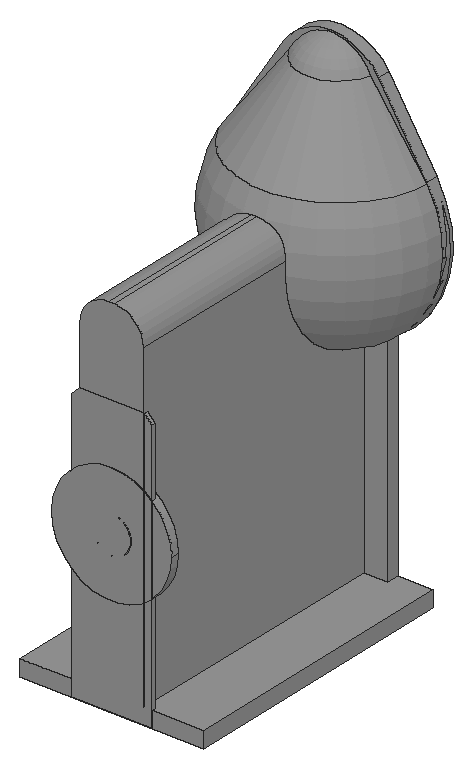
Revit family "Toilet-Willoughby-ETF-1490-FM-10-FA-TS-HC", category Plumbing Fixtures, Revit 2015
Parameters (values of type "Standard")
  Waste DIA = 2 3/8"
  Waste Connection = yes
  W-RAD [instance] = Waste DIA / 2  # 0' - 1 3/16"
  Vent Connection = no
  URL = "https://www.willoughby-ind.com/wp-content/uploads/2018/01/ETF-1490-FM-FA.pdf"
  Type Comments = ""
  Revision = "A"
  Model = "ETF-1490-FM-FA-10-TS-HC"
  Manufacturer = "Willoughby Industries"
  HW Connection = no
  Flush inlet DIA = 1 1/2"
  Fixture Body = Stainless Steel AISI 304-Willoughby
  F-RAD [instance] = Flush inlet DIA / 2  # 0' - 0 3/4"
  Description = "Floor Outlet, Floor Mounted Toilet, Front Access, With 10\" Rough In, Top Spud, Handicap Seat Height"
  Default Elevation = 0' - 0"
  Contact Number = "(800) 428-4065"
  CW Connection = yes
Reference planes (in)
  plane 1 "Base": y = -16.25
  plane 2: z = 0
  plane 3 "Center": x = 18.31072
  plane 4 "Waste height": y = -4.75
  plane 5: y = -1.25
  plane 6: z = -6.75
  plane 7: y = -2.125
  plane 8: y = -14.0625
  plane 9: y = 0.5
  plane 10: x = 16.56072
  plane 11: x = 20.06072
  plane 12: x = 11.56072
  plane 13: x = 25.06072
  plane 14: z = 23
  plane 15: z = 30.75
  plane 16: x = 15.81072
  plane 17: x = 20.81072
  plane 18: x = 16.31072
  plane 19: x = 20.31072
  plane 20: z = 10
  plane 21: x = 12.56072
  plane 22: x = 24.06072
  plane 23: z = 2.75
Forms (in)
  Extrusion 1, solid, material "Stainless Steel AISI 304-Willoughby" <- "Fixture Body"
    sketch origin (16.08109, 7.47968, -2.20225) x (-1, 0, 0) y (0, 0, -1)
      loop
        line (1.29775, -16.80087) -> (1.29775, -3.20225) -> (-5.72963, -3.20225) -> (-5.72963, -16.81676)
        arc (-5.72963, -16.81676) -> (-8.98136, -21.11843) -> (-8.21015, -26.45542) r 7
        line (-8.21015, -26.45542) -> (-5.16818, -31.31054)
        arc (-5.16818, -31.31054) -> (-2.20225, -32.95225) -> (0.76368, -31.31054) r 3.5
        line (0.76368, -31.31054) -> (3.80565, -26.45542)
        arc (3.80565, -26.45542) -> (4.5729, -21.10311) -> (1.29775, -16.80087) r 7
      loop
        arc (2.03989, -24.70557) -> (-2.20225, -18.23804) -> (-6.44438, -24.70557) r 4.625
        line (-6.44438, -24.70557) -> (-4.04125, -30.23842)
        arc (-4.04125, -30.23842) -> (-2.20225, -31.45225) -> (-0.36324, -30.23842) r 2
        line (-0.36324, -30.23842) -> (2.03989, -24.70557)
    from 8.72968 to 9.5
  Revolve 2, solid, material "Stainless Steel AISI 304-Willoughby" <- "Fixture Body"
    sketch origin (19.37246, -1.52032, 1.00169) x (-1, 0, 0) y (0, 0, -1)
      loop
        line (1.06174, -12.59906) -> (1.06174, -12.84906)
        arc (1.06174, -12.84906) -> (7.03046, -17.88333) -> (5.08904, -25.44643) r 7.34171
        line (5.08904, -25.44643) -> (3.31535, -27.91457)
        arc (3.31535, -27.91457) -> (2.42192, -29.02159) -> (1.06174, -29.43826) r 2.42844
        line (1.06174, -29.43826) -> (1.06174, -29.68826)
        arc (1.06174, -29.68826) -> (2.54295, -29.2403) -> (3.52767, -28.04656) r 2.67283
        line (3.52767, -28.04656) -> (7.06964, -23.19143)
        arc (7.06964, -23.19143) -> (7.15052, -16.14555) -> (1.06174, -12.59906) r 7
      axis (1.06174, -12.59906) -> (1.06174, -29.68826)
    angle from 0 to -180
  Extrusion 3, solid, material "Stainless Steel AISI 304-Willoughby" <- "Fixture Body"
    sketch origin (19.53334, -3.02032, -4.9508) x (0, 1, 0) y (0, 0, 1)
      loop
        line (-4.42257, 4.9508) -> (1.02643, 4.9508) -> (1.02643, 18.97156)
        arc (1.02643, 18.97156) -> (-2.31062, 20.32275) -> (-4.42257, 23.23845) r 6.52287
        line (-4.42257, 23.23845) -> (-4.42257, 4.9508)
    from 0.77738 to -3.22262
  Extrusion 4, solid, material "Stainless Steel AISI 304-Willoughby" <- "Fixture Body"
    sketch origin (0, -16.25, 0) x (1, 0, 0) y (0, 0, 1)
      loop
        line (24.06072, 0) -> (24.06072, 1) -> (12.56072, 1) -> (12.56072, 0) -> (24.06072, 0)
    from -15 to 3
  Extrusion 5, solid, material "Stainless Steel AISI 304-Willoughby" <- "Fixture Body"
    sketch origin (0, -16.25, 0) x (1, 0, 0) y (0, 0, 1)
      loop
        line (20.31072, 0) -> (20.31072, 21.16116)
        arc (20.31072, 21.16116) -> (19.77214, 22.46142) -> (18.47188, 23) r 1.83884
        line (18.47188, 23) -> (18.15461, 23)
        arc (18.15461, 23) -> (16.85078, 22.45994) -> (16.31072, 21.15611) r 1.84389
        line (16.31072, 21.15611) -> (16.31072, 0) -> (20.31072, 0)
    from 3 to -8.80711
  Revolve 6, solid, material "Stainless Steel AISI 304-Willoughby" <- "Fixture Body"
    sketch origin (18.31072, -2.99725, 0) x (0, 1, 0) y (0, 0, 1)
      loop
        line (-16.25275, 10) -> (-14.75, 10) -> (-14.75, 11.1875) -> (-16.25275, 11.1875) -> (-16.25275, 10)
      axis (-14.75, 10) -> (-16.25275, 10)
    angle from 0 to 360
  Revolve 7, solid, material "Stainless Steel AISI 304-Willoughby" <- "Fixture Body"
    sketch origin (18.31072, 0, 0) x (0, 1, 0) y (0, 0, 1)
      loop
        line (-1.2629, 2.75) -> (-1.2629, 3.5) -> (-3, 3.5) -> (-3, 2.75) -> (-1.2629, 2.75)
      axis (-1.2629, 2.75) -> (-3, 2.75)
    angle from 0 to 360
  Extrusion 8, solid, material "Stainless Steel AISI 304-Willoughby" <- "Fixture Body"
    sketch origin (0, -16.25, 7.25) x (1, 0, 0) y (0, 0, 1)
      loop
        circle (18.31072, 2.75) r 3.75
    from 2.5 to 3
  Extrusion 9, solid, material "Stainless Steel AISI 304-Willoughby" <- "Fixture Body"
    sketch origin (0, -16.25, 0) x (1, 0, 0) y (0, 0, 1)
      loop
        line (20.31072, 0) -> (20.81072, 0) -> (20.81072, 17) -> (20.31072, 17.5) -> (16.31072, 17.5) -> (15.81072, 17) -> (15.81072, 15) -> (15.81072, 0) -> (16.31072, 0) -> (20.31072, 0)
    from 2.75 to 3
Cuts and joins
  joined: Extrusion 1, Extrusion 3, Extrusion 4, Extrusion 5
Lines and regions (in)
  symbolic lines
    curve 1: line (11.28334, -1.25, 0) -> (11.28334, -2.02032, 0)
    curve 2: line (11.28334, -1.25, 0) -> (25.28334, -1.25, 0)
    curve 3: line (25.28334, -1.25, 0) -> (25.28334, -2.02032, 0)
    curve 4: arc (25.28334, -2.02032, 0) -> (23.77055, -5.90805, 0) -> (20.31072, -8.23881, 0) r 6.98068
    curve 5: arc (20.31072, -8.23881, 0) -> (18.31072, -8.06877, 0) -> (16.31072, -8.23881, 0) r 11.84701
    curve 6: arc (16.31072, -8.23881, 0) -> (12.83981, -5.90344, 0) -> (11.28334, -2.02032, 0) r 7.10902
    curve 7: line (16.31072, -8.23881, 0) -> (16.31072, -16.25, 0)
    curve 8: line (20.31072, -8.23881, 0) -> (20.31072, -16.25, 0)
    curve 9: line (12.56072, -5.53427, 0) -> (12.56072, -16.25, 0)
    curve 10: line (12.56072, -16.25, 0) -> (24.06072, -16.25, 0)
    curve 11: line (24.06072, -16.25, 0) -> (24.06072, -5.51808, 0)
    curve 12: line (14.56072, -16.25, 0) -> (14.56072, -15.75, 0)
    curve 13: line (14.56072, -15.75, 0) -> (16.31072, -15.75, 0)
    curve 14: line (22.06072, -16.25, 0) -> (22.06072, -15.75, 0)
    curve 15: line (22.06072, -15.75, 0) -> (20.31072, -15.75, 0)
    curve 16: line (12.56072, -16.25, 0) -> (24.06072, -16.25, 0)
    curve 17: line (24.06072, -16.25, 0) -> (24.06072, -16.25, 1)
    curve 18: line (24.06072, -16.25, 1) -> (21.81072, -16.25, 1)
    curve 19: line (21.81072, -16.25, 1) -> (21.81072, -16.25, 14.61451)
    curve 20: arc (21.81072, -16.25, 14.61451) -> (25.06245, -16.25, 18.91618) -> (24.29124, -16.25, 24.25317) r 7
    curve 21: line (24.29124, -16.25, 24.25317) -> (21.24927, -16.25, 29.1083)
    curve 22: arc (21.24927, -16.25, 29.1083) -> (18.28334, -16.25, 30.75) -> (15.31741, -16.25, 29.1083) r 3.5
    curve 23: line (15.31741, -16.25, 29.1083) -> (12.35249, -16.25, 24.379)
    curve 24: arc (12.35249, -16.25, 24.379) -> (11.49002, -16.25, 18.97236) -> (14.78334, -16.25, 14.59862) r 7
    curve 25: line (14.78334, -16.25, 14.59862) -> (14.78334, -16.25, 1)
    curve 26: line (14.78334, -16.25, 1) -> (12.56072, -16.25, 1)
    curve 27: line (12.56072, -16.25, 1) -> (12.56072, -16.25, 0)
    curve 34: line (18.31072, -16.25, 0) -> (18.31072, -1.25, 0)
    curve 35: line (18.31072, -1.25, 0) -> (18.31072, -1.25, 30.75)
    curve 36: line (18.31072, -1.25, 30.75) -> (18.31072, -2.02032, 30.75)
    curve 37: arc (18.31072, -2.02032, 30.75) -> (18.31072, -3.19432, 30.11981) -> (18.31072, -3.98625, 29.04824) r 3.04127
    curve 38: line (18.31072, -3.98625, 29.04824) -> (18.31072, -7.52822, 24.19312)
    curve 39: arc (18.31072, -7.52822, 24.19312) -> (18.31072, -7.86443, 23.62362) -> (18.31072, -8.08458, 23) r 3.41535
    curve 40: line (18.31072, -8.08458, 23) -> (18.31072, -16.25, 23)
    curve 41: line (18.31072, -16.25, 23) -> (18.31072, -16.25, 0)
    curve 42: line (18.31072, -16.25, 1) -> (18.31072, -2.02032, 1)
    curve 43: line (18.31072, -2.02032, 1) -> (18.31072, -2.02032, 14.59862)
    curve 44: line (18.31072, -2.02032, 14.59862) -> (18.31072, -1.25, 14.59862)
    curve 45: arc (18.31072, -2.02032, 13.84862) -> (18.31072, -5.30792, 15.03757) -> (18.31072, -7.5496, 17.72026) r 6.7024
    curve 46: arc (18.31072, -7.5496, 17.72026) -> (18.31072, -8.03761, 19.14705) -> (18.31072, -8.22445, 20.64337) r 7.35674
    curve 47: arc (18.31072, -8.22445, 20.64337) -> (18.31072, -8.20217, 21.82451) -> (18.31072, -8.08458, 23) r 14.61735
  symbolic lines, detail levels fine
    curve 28: arc (14.78334, -16.25, 11.27282) -> (14.56072, -16.25, 10) -> (14.78334, -16.25, 8.72718) r 3.75
    curve 29: arc (21.81072, -16.25, 8.65371) -> (22.06072, -16.25, 10) -> (21.81072, -16.25, 11.34629) r 3.75
    curve 30: arc (14.0412, -16.25, 22.50332) -> (18.28334, -16.25, 16.0358) -> (22.52547, -16.25, 22.50332) r 4.625
    curve 31: line (22.52547, -16.25, 22.50332) -> (20.12234, -16.25, 28.03617)
    curve 32: arc (20.12234, -16.25, 28.03617) -> (18.28334, -16.25, 29.2424) -> (16.44433, -16.25, 28.03617) r 2.00498
    curve 33: line (16.44433, -16.25, 28.03617) -> (14.0412, -16.25, 22.50332)
Dimensions and locks (in)
  plane 1 "Base" to plane 5 = 1' - 3"
  level to plane 15 = 2' - 6 3/4"
  locked: plane 21 to plane 22 at 11.5
  plane 21 to plane 22 = 0' - 11 1/2"
  plane 13 to plane 22 = 0' - 1"
  level to plane 20 = 0' - 10"
  plane 21 to plane 3 "Center" = 0' - 5 3/4"
  level to plane 23 = 0' - 2 3/4"
  plane 18 to plane 19 = 0' - 4"
  plane 18 to plane 3 "Center" to plane 19 = 0' - 2", 0' - 2"
Connectors (in)
  piping at (18.31072, -19.25, 10), diameter 2.375, driven by "W-RAD", driven by "Waste Connection"
    settings: on Revolve 6, index 4, connector inside diameter 24", connector length 0' - 0", flow factor 0, pipe flow 0 GPM, pressure drop 0.00 psi, fitting loss kfactor 0, connector angle 0.00°, fixture units 0, engagement length 0' - 0", angle of deflection 0.00°, flow configuration 0, flow direction 2, fitting loss method 0, system type 16, joint type 0, gender type 0, connector reference index -1, connector utility 1, adjustable connector no, is connector primary yes, connector description "Toilet Waste"
  piping at (18.31072, -1.2629, 2.75), diameter 1.5, driven by "F-RAD", driven by "CW Connection"
    settings: on Revolve 7, index 5, connector inside diameter 24", connector length 0' - 0", flow factor 0, pipe flow 0 GPM, pressure drop 0.00 psi, fitting loss kfactor 0, connector angle 0.00°, fixture units 0, engagement length 0' - 0", angle of deflection 0.00°, flow configuration 0, flow direction 1, fitting loss method 0, system type 20, joint type 0, gender type 0, connector reference index -1, connector utility 1, adjustable connector no, is connector primary no, connector description "Flush Inlet"
